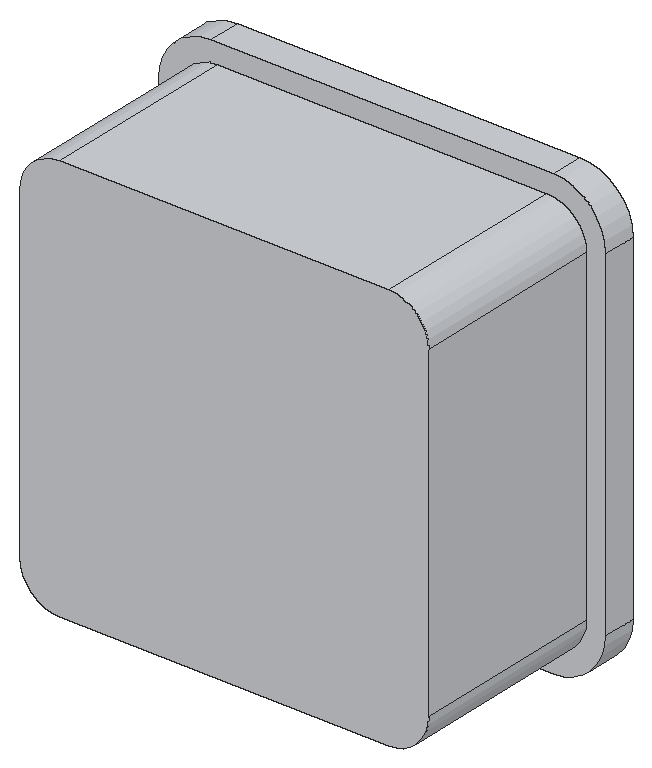
Revit family "Building-ContenitoriIncasso-GEWISS-24SC-SCATOLE-INCASSO_TELEFONICA", category Apparecchi elettrici, host Muro, Revit 2016
Family settings
  Host = Muro
  Mantenere orientamento annotazione = Sì
  Tipo di parte = Normale
  Quota connettore circolare = Usa diametro
  Numero OmniClass = 23.80.30.14.24
  Titolo OmniClass = Junction Boxes
  Sempre verticale = Sì
  Taglio con vuoti quando caricato = Sì
  Condiviso = Sì
  Punto di calcolo locali = Sì
Parameters (values of type "GW24221 - Scatola impianti telefonici tradizionale")
  Versione file RFA = "19.0"
  URL = "https://www.gewiss.com/it/it"
  Scheda Tecnica = "https://www.gewiss.com/it/it/search?q=GW24221"
  SEO = "Scatola"
  Produttore = "GEWISS S.p.A."
  Per installazioni di tipo = "Tradizionale"
  Per Pareti = "Muratura"
  Modello = "GW24221"
  Installazione = "Incasso"
  Immagine tipo = GW24221.jpg
  IFC.TypeObject = ""
  IFC.ExportType = ""
  IFC.ExportAs = ""
  IDT = "72fbfc7d-f9ad-4603-970f-2f3f2820655a"
  IDF = "efa84f44-4c30-41bc-a0fa-5ad230894c88"
  Dim. esterne BxHxP (mm) = "68x68x30"
  Descrizione = "SCATOLA IMPIANTI TELEFONICI TRADIZIONALE"
  Creato da GEWISS S.p.A. = ""
  Colore coperchio = "Avorio"
  Codice Electrocod = "0210"
  Codice EAN = "8011564016644"
  Catalogo Serie = "24SC"
  Catalogo = "BUILDING"
  COBie.Tagnumber = ""
  COBie.CreatedOn = ""
  COBie.CreatebBy = ""
  COBie.ComponentRegisterItemID = ""
  COBie.Component.TagNumber = ""
  COBie.Component.Space = ""
  COBie.Component.SerialNumber = ""
  COBie.Component.InstallationDate = ""
  COBie.Component.Description = ""
  COBie.Component.BarCode = ""
Reference planes
  plane 1 "Muro": y = 0
  plane 2 "Centro (Sinistra/Destra)": x = 125
  plane 3 "Indietro": y = 75
  plane 4: y = 45
  plane 5: y = 80
Forms (mm)
  Extrusion 1, solid
    sketch origin (0, 0, 0) x (1, 0, 0) y (0, 0, 1)
      loop
        arc (151, 654.884) -> (156.657, 657.227) -> (159, 662.884) r 8
        line (159, 662.884) -> (159, 714.884)
        arc (159, 714.884) -> (156.657, 720.541) -> (151, 722.884) r 8
        line (151, 722.884) -> (99, 722.884)
        arc (99, 722.884) -> (93.343, 720.541) -> (91, 714.884) r 8
        line (91, 714.884) -> (91, 662.884)
        arc (91, 662.884) -> (93.343, 657.227) -> (99, 654.884) r 8
        line (99, 654.884) -> (151, 654.884)
    from -80 to -75
  Extrusion 2, solid
    sketch origin (0, -13.074, 0) x (1, 0, 0) y (0, 0, 1)
      loop
        arc (150, 657.884) -> (154.243, 659.641) -> (156, 663.884) r 6
        line (156, 663.884) -> (156, 713.884)
        arc (156, 713.884) -> (154.243, 718.127) -> (150, 719.884) r 6
        line (150, 719.884) -> (100, 719.884)
        arc (100, 719.884) -> (95.757, 718.127) -> (94, 713.884) r 6
        line (94, 713.884) -> (94, 663.884)
        arc (94, 663.884) -> (95.757, 659.641) -> (100, 657.884) r 6
        line (100, 657.884) -> (150, 657.884)
    from -88.074 to -58.074
  Extrusion 3, void
    sketch origin (0, -43.074, 0) x (1, 0, 0) y (0, 0, 1)
      loop
        arc (150, 657.884) -> (154.243, 659.641) -> (156, 663.884) r 6
        line (156, 663.884) -> (156, 713.884)
        arc (156, 713.884) -> (154.243, 718.127) -> (150, 719.884) r 6
        line (150, 719.884) -> (100, 719.884)
        arc (100, 719.884) -> (95.757, 718.127) -> (94, 713.884) r 6
        line (94, 713.884) -> (94, 663.884)
        arc (94, 663.884) -> (95.757, 659.641) -> (100, 657.884) r 6
        line (100, 657.884) -> (150, 657.884)
    from -118.074 to -88.074
Lines and regions (mm)
  model lines, detail levels fine
    curve 1: line (139, 80, 712.884) -> (111, 80, 712.884)
    curve 2: line (149, 80, 674.884) -> (149, 80, 702.884)
    curve 3: line (111, 80, 664.884) -> (139, 80, 664.884)
    curve 4: line (101, 80, 702.884) -> (101, 80, 674.884)
    curve 5: arc (139, 80, 712.884) -> (146.071, 80, 709.955) -> (149, 80, 702.884) r 10
    curve 6: arc (111, 80, 712.884) -> (103.929, 80, 709.955) -> (101, 80, 702.884) r 10
    curve 7: arc (149, 80, 674.884) -> (146.071, 80, 667.813) -> (139, 80, 664.884) r 10
    curve 8: arc (101, 80, 674.884) -> (103.929, 80, 667.813) -> (111, 80, 664.884) r 10
    curve 9: line (139, 80, 704.884) -> (111, 80, 704.884)
    curve 10: arc (139, 80, 704.884) -> (140.414, 80, 704.298) -> (141, 80, 702.884) r 2
    curve 11: line (141, 80, 674.884) -> (141, 80, 702.884)
    curve 12: arc (141, 80, 674.884) -> (140.414, 80, 673.47) -> (139, 80, 672.884) r 2
    curve 13: line (111, 80, 672.884) -> (139, 80, 672.884)
    curve 14: arc (109, 80, 674.884) -> (109.586, 80, 673.47) -> (111, 80, 672.884) r 2
    curve 15: line (109, 80, 702.884) -> (109, 80, 674.884)
    curve 16: arc (111, 80, 704.884) -> (109.586, 80, 704.298) -> (109, 80, 702.884) r 2
Text (mm)
  text "Lato posizionamento" at (-1848.837, 1116.779, 0), in view "Livello rif."
  text "Lato posizionamento" at (0, 1409.804, 2854.306), in view "Sinistra"
  text "Lato posizionamento" at (0, 499.811, 2980.732), in view "Destra"
Dimensions and locks
  locked: plane 3 "Indietro" to host wall
  equal spacing: Extrusion 1 sketch curve, plane 2 "Centro (Sinistra/Destra)", Extrusion 1 sketch curve
  locked: Extrusion 1 sketch curve to plane 2 "Centro (Sinistra/Destra)" at 34
  locked: Extrusion 1 sketch curve to Extrusion 1 sketch curve at 68
  locked: plane 5 to plane 3 "Indietro" at 5
  locked: plane 4 to plane 3 "Indietro" at 30
  equal spacing: Extrusion 2 sketch curve, plane 2 "Centro (Sinistra/Destra)", Extrusion 2 sketch curve
  locked: Extrusion 2 sketch curve to plane 2 "Centro (Sinistra/Destra)" at 31
  locked: Extrusion 2 sketch curve to Extrusion 2 sketch curve at 62
  Extrusion 3 sketch curve to Extrusion 3 sketch curve = 62 mm
  locked: Extrusion 3 sketch curve to Extrusion 3 sketch curve at 62
  aligned and locked: plane 1 "Muro" to host wall
  aligned and locked: plane 3 "Indietro" to Extrusion 1
  aligned and locked: plane 5 to Extrusion 1
  aligned and locked: Extrusion 2 to plane 3 "Indietro"
  aligned and locked: Extrusion 2 to plane 4
  aligned and locked: Extrusion 3 to plane 3 "Indietro"
  aligned and locked: Extrusion 3 to plane 4
